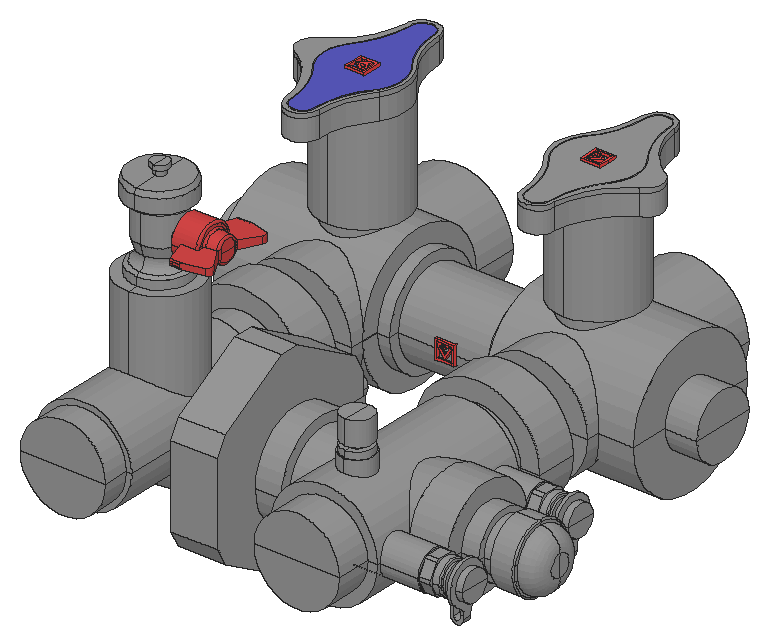
Revit family "HerzCon-Direktanschluss für FanCoils 120mm", category Rohrzubehör, Revit 2018
Family settings
  Bemaßung runder Anschluss = Durchmesser verwenden
  Teiletyp = Unterbricht
  OmniClass-Nummer = 23.65.55.14
  OmniClass-Titel = Valves for Liquid Services
  Arbeitsebenenbasiert = Nein
  Immer vertikal = Ja
  Beim Laden mit Abzugskörper schneiden = Nein
  Gemeinsam genutzt = Nein
Parameters (values of type "DN32")
  kvs-Wert (normale Funktion) = 4.57  # constant formula
  kvs-Wert (Bypass Funktion) = 14.2  # constant formula
  URL = "www.herz-armaturen.at"
  SCRNSEQ = "ARM;TYP_ARM=\"DURR\";02"
  SCRNCODE = "05;04;04"  # constant formula
  Nennweite SF [instance] = 40.00 mm  # constant formula
  Nennweite Kombi [instance] = 40.00 mm  # constant formula
  Nennweite KH [instance] = 32.00 mm  # constant formula
  Min. Betriebstemperatur = -20 °C  # constant formula
  Membrane und O-Ringe = "EPDM"  # constant formula
  Medium = "Heizungswasser gemäß ÖNORM H5195 oder VDI-Standard 2035.\r\nDie Verwendung von Ethylen- oder Propylenglykol-Gemischen in einem Verhältnis von 25-50 Vol.- % ist erlaubt."
  Max. Differenzdruck = 400000.0 Pa  # constant formula
  Max. Betriebstemperatur = 130 °C  # constant formula
  Max. Betriebsdruck = 2500000.0 Pa  # constant formula
  L11 = 16.00 mm  # constant formula
  L10 = 29.30 mm  # constant formula
  L09 = 20.00 mm  # constant formula
  L08 = 14.75 mm  # constant formula
  L07 = 19.25 mm  # constant formula
  L06 = 17.00 mm  # constant formula
  L05 = 26.50 mm  # constant formula
  L04 = 55.00 mm  # constant formula
  L03 = 22.40 mm  # constant formula
  L02 = 6.10 mm  # constant formula
  L01 = 15.00 mm  # constant formula
  L00 [instance] = 226.20 mm  # constant formula
  KR02 = 18.25 mm  # constant formula
  KR01 = 35.00 mm  # constant formula
  KL09 = 4.70 mm  # constant formula
  KL08 = KL06 + KL07  # 70.70 mm
  KL07 = 21.80 mm  # constant formula
  KL06 = KH01 + KL05  # 48.90 mm
  KL05 = 15.40 mm  # constant formula
  KL04 = 12.00 mm  # constant formula
  KL03 = KH03 - 9.00 mm  # 57.00 mm
  KL02 = 16.00 mm  # constant formula
  KL01 = 114.00 mm  # constant formula
  KH03 = 66.00 mm  # constant formula
  KH02 = KH01 + KD01  # 58.50 mm
  KH01 = 33.50 mm  # constant formula
  KD09 = 11.25 mm  # constant formula
  KD08 = 24.50 mm  # constant formula
  KD07 = 23.30 mm  # constant formula
  KD06 = 15.00 mm  # constant formula
  KD05 = 12.50 mm  # constant formula
  KD04 = 13.90 mm  # constant formula
  KD03 = 20.00 mm  # constant formula
  KD02 = 20.00 mm  # constant formula
  KD01 = 25.00 mm  # constant formula
  Hub = "4 mm"  # constant formula
  Hersteller = "HERZ Armaturen Ges.m.b.H."  # constant formula
  H01 = D02 + 1.00 mm  # 34.00 mm
  Gehäuse = "entzinkungsbeständiges Messing"  # constant formula
  D10 = 21.40 mm  # constant formula
  D09 = 13.00 mm  # constant formula
  D08 = 18.40 mm  # constant formula
  D07 = 39.00 mm  # constant formula
  D06 = 45.00 mm  # constant formula
  D05 = 54.50 mm  # constant formula
  D04 = 20.00 mm  # constant formula
  D03 = 24.50 mm  # constant formula
  D02 = 33.00 mm  # constant formula
  D01 = 15.00 mm  # constant formula
  Bestellnummer [instance] = 1460054  # constant formula
  Anwendungen = "Die HerzCON wurden entwickelt, um eine einfache Verbindung zu Gebläsekonvektoren oder anderen Anschlusseinheiten herzustellen.\r\nEin HerzCON ist eine Einheit, bestehend aus einem druckunabhängigen Kombiventil-Volumenstromregler (4006), Herz-Schmutzfänger, Herz-Entleerungshahn (2512) und zwei Herz-Multifunktionskugelhähnen.\r\nDas Ein-/ Aus Schalten sowie Modulieren ist über einen 0-10 V Stellantrieb möglich und kann bei Bedarf in eine GLT integriert werden.\r\nDie Einheit optimiert die Energieeffizienz des Systems, da es eine druckunabhängige Regelung ist, die den vollen Regelbereich unabhängig von Druckschwankungen gewährleistet, während gleichzeitig ein konstanter Durchfluss sichergestellt wird.\r\nMit der HerzCON können auch Spül- und Absperrvorgänge durchgeführt werden.\r\nEine Einheit kann für Heizen und Kühlen verwendet werden.\r\nEs gibt daher keinen Produktunterschied zwischen Heizen und Kühlen.\r\nDer am Sieb angebrachte Ablasshahn ermöglicht ein Spülen, ohne dass der Siebkorb entfernt werden muss.\r\nAußerdem kann der Siebkorb vor Ort gereinigt werden."
Reference planes
  plane 1 "Mitte (Vorne/hinten)": y = 0
  plane 2: z = 0
  plane 3 "Mitte (Links/rechts)": x = 0
Forms (mm)
  Revolve 1, solid, material "Messing, weicher Gelbton, geschweißt", detail levels fine
    sketch origin (0, -1.436, 0) x (1, 0, 0) y (0, 1, 0)
      loop
        line (-113.1, 1.436) -> (113.1, 1.436) -> (113.1, 16.436) -> (98.1, 16.436) -> (98.1, 34.436) -> (28.5, 34.436) -> (28.5, 25.936) -> (22.4, 25.936) -> (22.4, 21.436) -> (-22.4, 21.436) -> (-22.4, 25.936) -> (-28.5, 25.936) -> (-28.5, 34.436) -> (-98.1, 34.436) -> (-98.1, 16.436) -> (-113.1, 16.436) -> (-113.1, 1.436)
      axis (113.1, 1.436) -> (-113.1, 1.436)
    angle from 0 to 360
  Revolve 2, solid, material "Messing, weicher Gelbton, geschweißt", detail levels fine
    sketch origin (0, 0, 0) x (-1, 0, 0) y (0, 1, 0)
      loop
        line (-55, -57.4) -> (-55, 33.1) -> (-71, 33.1) -> (-71, 54.5) -> (-81.5, 54.5) -> (-81.5, -39) -> (-69.75, -39) -> (-69.75, -51.4) -> (-84.3, -51.4) -> (-84.3, -70.4) -> (-75, -70.4) -> (-75, -57.4) -> (-55, -57.4)
      axis (-55, -70.4) -> (-55, 54.5)
    angle from 0 to 360
  Revolve 3, solid, material "Messing, weicher Gelbton, geschweißt", detail levels fine
    sketch origin (0, 0, 0) x (1, 0, 0) y (0, 0, 1)
      loop
        line (-55, 0) -> (-55, 45) -> (-72, 45) -> (-72, 0) -> (-55, 0)
      axis (-55, 45) -> (-55, 0)
    angle from 0 to 360
  Revolve 4, solid, material "Messing, weicher Gelbton, geschweißt", detail levels fine
    sketch origin (0, 0, 0) x (-1, 0, 0) y (0, 0, 1)
      loop
        line (-55, 0) -> (-55, 45) -> (-72, 45) -> (-72, 0) -> (-55, 0)
      axis (-55, 45) -> (-55, 0)
    angle from 0 to 360
  Revolve 5, solid, material "Messing, weicher Gelbton, geschweißt", detail levels fine
    sketch origin (0, 0, 0) x (1, 0, 0) y (0, 1, 0)
      loop
        line (-55, -57.4) -> (-55, 33.1) -> (-71, 33.1) -> (-71, 54.5) -> (-81.5, 54.5) -> (-81.5, -39) -> (-69.75, -39) -> (-69.75, -51.4) -> (-84.3, -51.4) -> (-84.3, -70.4) -> (-75, -70.4) -> (-75, -57.4) -> (-55, -57.4)
      axis (-55, -70.4) -> (-55, 54.5)
    angle from 0 to 360
  Revolve 6, solid, material "Messing, weicher Gelbton, geschweißt", detail levels fine
    sketch origin (10, 7.177, 0) x (1, 0, 0) y (0, 1, 0)
      loop
        line (45, -68.677) -> (25, -68.677) -> (25, -84.677) -> (20, -84.677) -> (20, -166.677) -> (25, -166.677) -> (25, -182.677) -> (45, -182.677) -> (45, -68.677)
      axis (45, -68.677) -> (45, -182.677)
    angle from 0 to 360
  Revolve 7, solid, material "Messing, weicher Gelbton, geschweißt", detail levels fine
    sketch origin (10, -105.85, 0) x (1, 0, 0) y (0, 1, 0)
      loop
        line (11.5, -12.65) -> (11.5, -32.65) -> (45, -32.65) -> (70, -35.95) -> (87.8, -35.95) -> (87.8, -27.65) -> (96.3, -27.65) -> (96.3, -25.15) -> (102, -25.15) -> (102, -26.55) -> (111, -26.55) -> (111, -12.65) -> (11.5, -12.65)
      axis (11.5, -12.65) -> (111, -12.65)
    angle from 0 to 360
  Revolve 8, solid, material "Messing, weicher Gelbton, geschweißt", detail levels fine
    sketch origin (10, -105.85, 0) x (1, 0, 0) y (0, 1, 0)
      loop
        line (11.5, -12.65) -> (-3.9, -12.65) -> (-3.9, -23.9) -> (-0.5, -23.9) -> (-0.5, -37.15) -> (11.5, -37.15) -> (11.5, -12.65)
      axis (-3.9, -12.65) -> (11.5, -12.65)
    angle from 0 to 360
  Extrusion 9, solid, material "Messing, weicher Gelbton, geschweißt", detail levels fine
    sketch origin (-4.9, 62.574, 0) x (0, 1, 0) y (0, 0, 1)
      loop
        line (-176.324, 46) -> (-185.824, 46) -> (-218.536, 27.114) -> (-223.286, 18.886) -> (-223.286, -18.886) -> (-218.536, -27.114) -> (-185.824, -46) -> (-176.324, -46) -> (-143.612, -27.114) -> (-138.862, -18.886) -> (-138.862, 18.886) -> (-143.612, 27.114) -> (-176.324, 46)
    from 11 to -10.8
  Revolve 10, solid, material "Messing, weicher Gelbton, geschweißt", detail levels fine
    sketch origin (-4.9, -105.85, 0) x (1, 0, 0) y (0, 1, 0)
      loop
        line (-10.8, -12.65) -> (-10.8, 22.35) -> (-15.5, 5.6) -> (-15.5, -12.65) -> (-10.8, -12.65)
      axis (-15.5, -12.65) -> (-10.8, -12.65)
    angle from 0 to 360
  Extrusion 11, solid, material "Messing, weicher Gelbton, geschweißt", detail levels fine
    sketch origin (-4.9, -105.85, 0) x (1, 0, 0) y (0, 0, 1)
      loop
        line (11, 8) -> (-7.5, 8)
        arc (-7.5, 8) -> (-15.5, 0) -> (-7.5, -8) r 8
        line (-7.5, -8) -> (11, -8) -> (11, 8)
    from -30.847 to 12.65
  Revolve 12, solid, material "Messing, weicher Gelbton, geschweißt", detail levels fine
    sketch origin (-4.9, -105.85, 0) x (1, 0, 0) y (0, 1, 0)
      loop
        line (-14.5, 30.847) -> (-7.5, 30.847) -> (-7.5, 46.847) -> (-14.5, 46.847) -> (-14.5, 35.847) -> (-11.5, 35.847) -> (-11.5, 33.847) -> (-14.5, 33.847) -> (-14.5, 30.847)
      axis (-7.5, 46.847) -> (-7.5, 30.847)
    angle from 0 to 360
  Revolve 13, solid, material "Messing, weicher Gelbton, geschweißt", detail levels fine
    sketch origin (55, -105.85, 0) x (0, 1, 0) y (0, 0, 1)
      loop
        line (-34.65, 0) -> (-26.85, 0) -> (-26.85, 31) -> (-27.65, 31) -> (-27.65, 34) -> (-30.65, 34) -> (-30.65, 36) -> (-27.65, 36) -> (-27.65, 47) -> (-34.65, 47) -> (-34.65, 0)
      axis (-34.65, 47) -> (-34.65, 0)
    angle from 0 to 360
  Revolve 14, solid, material "Messing, weicher Gelbton, geschweißt", detail levels fine
    sketch origin (0, 0, 0) x (1, 0, 0) y (0, 1, 0)
      loop
        line (55, -96.5) -> (97.8, -96.5) -> (97.8, -87.5) -> (55, -87.5) -> (55, -96.5)
      axis (97.8, -87.5) -> (55, -87.5)
    angle from 0 to 360
  Revolve 15, solid, material "Messing, weicher Gelbton, geschweißt", detail levels fine
    sketch origin (0, -396.8, 0) x (1, 0, 0) y (0, -1, 0)
      loop
        line (55, -256.3) -> (97.8, -256.3) -> (97.8, -247.3) -> (55, -247.3) -> (55, -256.3)
      axis (97.8, -247.3) -> (55, -247.3)
    angle from 0 to 360
  Revolve 16, solid, material "Messing, weicher Gelbton, geschweißt", detail levels fine
    sketch origin (0, 251.113, 0) x (1, 0, 0) y (0, 1, 0)
      loop
        line (-55, -312.613) -> (-75, -312.613) -> (-75, -335.613) -> (-77.5, -335.613) -> (-77.5, -413.943) -> (-75, -413.943) -> (-75, -425.613) -> (-55, -425.613) -> (-55, -312.613)
      axis (-55, -312.613) -> (-55, -425.613)
    angle from 0 to 360
  Revolve 17, solid, material "Messing, weicher Gelbton, geschweißt", detail levels fine
    sketch origin (-55, 0, 0) x (0, 1, 0) y (0, 0, 1)
      loop
        line (-105, 0) -> (-105, -36)
        arc (-105, -36) -> (-92.506, -32.657) -> (-84.5, -22.5) r 20.5
        line (-84.5, -22.5) -> (-84.5, 0) -> (-105, 0)
      axis (-105, 0) -> (-105, -36)
    angle from 0 to 360
  Revolve 18, solid, material "Messing, weicher Gelbton, geschweißt", detail levels fine
    sketch origin (-55, -511.376, 0) x (0, 1, 0) y (0, 0, 1)
      loop
        line (393.376, 0) -> (411.876, 0) -> (411.876, 57) -> (406.876, 57) -> (406.876, 61) -> (404.999, 62.084)
        arc (404.999, 62.084) -> (402.831, 64.622) -> (402.743, 67.959) r 5
        line (402.743, 67.959) -> (404.381, 73) -> (404.381, 88) -> (406.581, 88) -> (406.581, 89.5) -> (408.361, 89.5) -> (408.361, 96) -> (407.361, 98.5) -> (395.861, 98.5) -> (395.861, 101.5) -> (397.361, 101.5) -> (397.361, 103.5) -> (393.376, 103.5) -> (393.376, 0)
      axis (393.376, 103.5) -> (393.376, 0)
    angle from 0 to 360
  Extrusion 19, solid, material "Messing, weicher Gelbton, geschweißt", detail levels fine
    sketch origin (5.52, -501.459, 12) x (0, 1, 0) y (0, 0, 1)
      loop
        circle (383.459, 65) r 5.5
    from -60.52 to -43.52
Dimensions and locks
  "L00": Revolve 1 sketch curve to Revolve 1 sketch curve
  "L01": Revolve 1 sketch curve to Revolve 1 sketch curve  (x2)
  "L02": Revolve 1 sketch curve to Revolve 1 sketch curve  (x2)
  equal spacing: Revolve 1 sketch curve, plane 3 "Mitte (Links/rechts)", Revolve 1 sketch curve
  "D01": Revolve 1 sketch curve to Revolve 1 sketch curve  (x2)
  "D02": Revolve 1 sketch curve to Revolve 1 sketch curve  (x2)
  "D03": Revolve 1 sketch curve to Revolve 1 sketch curve  (x2)
  "D04": Revolve 1 sketch curve to Revolve 1 sketch curve
  "D04": nested 2 to plane 1 "Mitte (Vorne/hinten)"
  "D04": nested 1 to plane 1 "Mitte (Vorne/hinten)"
  "L03": Revolve 1 sketch curve to plane 3 "Mitte (Links/rechts)" to Revolve 1 sketch curve
  "L05": Revolve 2 sketch curve to Revolve 2 sketch curve
  "L04": plane 3 "Mitte (Links/rechts)" to Revolve 2 sketch curve  (x2)
  "L04": plane 3 "Mitte (Links/rechts)" to Revolve 3 sketch curve  (x2)
  "L06": Revolve 3 sketch curve to Revolve 3 sketch curve
  "D06": Revolve 3 sketch curve to plane 2
  "L06": Revolve 4 sketch curve to Revolve 4 sketch curve
  "D06": Revolve 4 sketch curve to plane 2
  "L04": plane 3 "Mitte (Links/rechts)" to Revolve 4 sketch curve
  "L04": Revolve 4 sketch curve to plane 3 "Mitte (Links/rechts)"
  "L04": plane 3 "Mitte (Links/rechts)" to nested 3
  "L04": nested 4 to plane 3 "Mitte (Links/rechts)"
  "H01": nested 3 to plane 2
  "H01": nested 4 to plane 2
  "D05": plane 1 "Mitte (Vorne/hinten)" to Revolve 2 sketch curve
  "D07": Revolve 2 sketch curve to plane 1 "Mitte (Vorne/hinten)"
  "D08": Revolve 2 sketch curve to Revolve 2 sketch curve
  "L08": Revolve 2 sketch curve to Revolve 2 sketch curve
  "L10": Revolve 2 sketch curve to Revolve 2 sketch curve
  "L09": Revolve 2 sketch curve to Revolve 2 sketch curve
  "D09": Revolve 2 sketch curve to Revolve 2 sketch curve
  "L05": Revolve 5 sketch curve to Revolve 5 sketch curve
  "D08": Revolve 5 sketch curve to Revolve 5 sketch curve
  "L08": Revolve 5 sketch curve to Revolve 5 sketch curve
  "L10": Revolve 5 sketch curve to Revolve 5 sketch curve
  "L09": Revolve 5 sketch curve to Revolve 5 sketch curve
  "D09": Revolve 5 sketch curve to Revolve 5 sketch curve
  "D05": plane 1 "Mitte (Vorne/hinten)" to Revolve 5 sketch curve
  "D07": Revolve 5 sketch curve to plane 1 "Mitte (Vorne/hinten)"
  "L11": Revolve 5 sketch curve to Revolve 5 sketch curve
  "L04": Revolve 5 sketch curve to plane 3 "Mitte (Links/rechts)"  (x2)
  "D10": Revolve 5 sketch curve to Revolve 5 sketch curve
  "L11": Revolve 2 sketch curve to Revolve 2 sketch curve
  "D10": Revolve 2 sketch curve to Revolve 2 sketch curve
  "KD02": Revolve 6 sketch curve to Revolve 6 sketch curve  (x2)
  "KD01": Revolve 6 sketch curve to Revolve 6 sketch curve
  Revolve 6 sketch curve to Revolve 6 sketch curve = 114.00 mm
  "KL02": Revolve 6 sketch curve to Revolve 6 sketch curve  (x2)
  equal spacing: Revolve 6, Revolve 7 sketch curve, Revolve 6  (x2)
  Revolve 7 sketch curve to Revolve 7 sketch curve = 99.50 mm
  Revolve 7 sketch curve to Revolve 7 sketch curve = 9.00 mm
  Revolve 7 sketch curve to Revolve 7 sketch curve = 5.70 mm
  Revolve 7 sketch curve to Revolve 7 sketch curve = 8.50 mm
  "KD04": Revolve 7 sketch curve to Revolve 7 sketch curve
  "KD05": Revolve 7 sketch curve to Revolve 7 sketch curve
  "KD06": Revolve 7 sketch curve to Revolve 7 sketch curve
  "KD03": Revolve 7 sketch curve to Revolve 7 sketch curve
  "KH01": Revolve 7 sketch curve to Revolve 7 sketch curve
  "KH02": Revolve 7 sketch curve to Revolve 7 sketch curve
  "KH01": Revolve 8 sketch curve to Revolve 7
  equal spacing: Revolve 6, Revolve 8 sketch curve, Revolve 6  (x2)
  "KD08": Revolve 8 sketch curve to Revolve 8 sketch curve
  "KD09": Revolve 8 sketch curve to Revolve 8 sketch curve
  "KL05": Revolve 8 sketch curve to Revolve 8 sketch curve
  "KL04": Revolve 8 sketch curve to Revolve 8 sketch curve
  equal spacing: Revolve 6, Revolve 10 sketch curve, Revolve 6  (x2)
  "KR02": Revolve 10 sketch curve to Revolve 10 sketch curve
  "KR01": Revolve 10 sketch curve to Revolve 10 sketch curve
  "KL09": Revolve 10 sketch curve to Extrusion 9
  equal spacing: Revolve 6, nested 5, Revolve 6
  Revolve 12 sketch curve to Revolve 12 sketch curve = 7.00 mm  (x2)
  Revolve 12 sketch curve to Revolve 12 sketch curve = 4.00 mm
  Revolve 12 sketch curve to Revolve 12 sketch curve = 3.00 mm
  Revolve 12 sketch curve to Revolve 12 sketch curve = 2.00 mm
  Revolve 12 sketch curve to Revolve 12 sketch curve = 11.00 mm
  Revolve 10 to Revolve 12 sketch curve = 1.00 mm
  Revolve 10 to Revolve 12 sketch curve = 8.00 mm
  Extrusion 11 to Revolve 12 sketch curve = 43.497 mm
  equal spacing: Revolve 6, Extrusion 11, Revolve 6
  Revolve 13 sketch curve to Revolve 13 sketch curve = 7.80 mm
  Revolve 13 sketch curve to Revolve 13 sketch curve = 7.00 mm  (x2)
  Revolve 13 sketch curve to Revolve 13 sketch curve = 4.00 mm
  Revolve 13 sketch curve to Revolve 13 sketch curve = 3.00 mm
  Revolve 13 sketch curve to Revolve 13 sketch curve = 2.00 mm
  Revolve 13 sketch curve to Revolve 13 sketch curve = 11.00 mm
  "L04": plane 3 "Mitte (Links/rechts)" to Revolve 6 sketch curve  (x2)
  "KH03": Revolve 7 sketch curve to Revolve 7 sketch curve
  "KD07": Revolve 7 sketch curve to Revolve 7 sketch curve
  "KL03": Revolve 7 to nested 5
  "KL06": Extrusion 9 to Revolve 7
  Extrusion 9 sketch curve to Extrusion 9 sketch curve = 92.00 mm  (x3)
  Extrusion 9 sketch curve to Extrusion 9 sketch curve = 84.424 mm  (x3)
  "KL07": Extrusion 9 to Extrusion 9
  "KL08": Revolve 10 sketch curve to Revolve 7
  Revolve 6 to Extrusion 9 sketch curve = 14.788 mm
  Extrusion 9 sketch curve to Revolve 6 = 14.788 mm
  Extrusion 11 sketch curve to Extrusion 11 sketch curve = 26.50 mm
  Revolve 14 sketch curve to Revolve 14 sketch curve = 42.80 mm
  Revolve 14 sketch curve to Revolve 14 sketch curve = 9.00 mm
  Revolve 14 sketch curve to Revolve 6 = 26.00 mm  (x2)
  Revolve 15 sketch curve to Revolve 15 sketch curve = 42.80 mm
  Revolve 15 sketch curve to Revolve 15 sketch curve = 9.00 mm
  Revolve 6 to Revolve 15 sketch curve = 26.00 mm  (x2)
  Revolve 6 to nested 6 = 26.00 mm
  Revolve 7 to nested 6 = 42.80 mm
  nested 7 to Revolve 6 = 26.00 mm
  Revolve 7 to nested 7 = 42.80 mm
  Revolve 13 sketch curve to plane 2 = 31.00 mm
  Revolve 13 sketch curve to Revolve 6 = 35.00 mm  (x2)
  Revolve 2 to Revolve 6 = 230.00 mm
  Revolve 16 sketch curve to Revolve 16 sketch curve = 23.00 mm
  Revolve 16 sketch curve to Revolve 16 sketch curve = 11.67 mm
  Revolve 16 sketch curve to Revolve 16 sketch curve = 113.00 mm
  "L04": Revolve 16 sketch curve to plane 3 "Mitte (Links/rechts)"  (x2)
  Revolve 16 sketch curve to Revolve 16 sketch curve = 20.00 mm  (x2)
  Revolve 16 sketch curve to Revolve 16 sketch curve = 22.50 mm
  Revolve 17 sketch curve to Revolve 17 sketch curve = 22.50 mm
  Revolve 17 sketch curve to Revolve 17 sketch curve = 20.50 mm
  "L04": Revolve 17 to plane 3 "Mitte (Links/rechts)"
  Revolve 18 sketch curve to Revolve 18 sketch curve = 13.50 mm
  "L04": Revolve 18 to plane 3 "Mitte (Links/rechts)"
  Revolve 18 sketch curve to plane 2 = 57.00 mm
  Revolve 18 sketch curve to Revolve 18 sketch curve = 4.00 mm
  equal spacing: Revolve 16, Revolve 18 sketch curve, Revolve 16  (x2)
  "L04": Extrusion 19 to plane 3 "Mitte (Links/rechts)"
  Extrusion 19 to Extrusion 19 = 17.00 mm
  Revolve 18 to Extrusion 19 = 11.00 mm
  Revolve 18 to nested 8 = 11.00 mm
  equal spacing: Revolve 16, nested 8, Revolve 16
  equal spacing: Revolve 16, Extrusion 19 sketch curve, Revolve 16
  Revolve 16 to Revolve 5 = 229.00 mm
  Revolve 16 to Revolve 17 sketch curve = 43.50 mm  (x2)
  plane 2 to Revolve 17 sketch curve = 36.00 mm
  radius of Extrusion 11 sketch curve = 8.00 mm
  radius of Extrusion 19 sketch curve = 5.50 mm
  aligned and locked: level to plane 2
Automatic sketch dimensions
  Extrusion 9 sketch curve to level = 27.114 mm  (x2)
  Extrusion 9 sketch curve to Extrusion 9 sketch curve = 4.75 mm  (x2)
  level to Extrusion 9 sketch curve = 27.114 mm  (x2)
  Extrusion 9 sketch curve to Extrusion 9 sketch curve = 32.712 mm  (x2)
  level to Extrusion 9 sketch curve = 46.00 mm
  Extrusion 9 sketch curve to Extrusion 9 sketch curve = 9.50 mm
  Extrusion 9 sketch curve to Extrusion 9 sketch curve = 8.227 mm  (x2)
  Extrusion 11 sketch curve to level = 0.00 mm
  Extrusion 11 sketch curve to plane 3 "Mitte (Links/rechts)" = 12.40 mm
  Revolve 12 sketch curve to Revolve 12 sketch curve = 1.775 mm
  Revolve 12 sketch curve to Revolve 12 sketch curve = 4.225 mm
  Revolve 13 sketch curve to level = 0.00 mm
  level to Revolve 13 sketch curve = 7.505 mm
  Revolve 13 sketch curve to Revolve 13 sketch curve = 10.256 mm
  plane 3 "Mitte (Links/rechts)" to Revolve 14 sketch curve = 55.00 mm
  Revolve 14 sketch curve to Revolve 14 sketch curve = 12.80 mm
  Revolve 14 sketch curve to Revolve 14 sketch curve = 5.00 mm
  Revolve 15 sketch curve to plane 3 "Mitte (Links/rechts)" = 55.00 mm
  Revolve 15 sketch curve to Revolve 15 sketch curve = 12.80 mm
  Revolve 15 sketch curve to Revolve 15 sketch curve = 5.00 mm
  Revolve 17 sketch curve to level = 0.00 mm
  Revolve 17 sketch curve to Revolve 17 sketch curve = 1.219 mm
  Revolve 17 sketch curve to Revolve 17 sketch curve = 6.00 mm
  Revolve 17 sketch curve to level = 5.00 mm
  Revolve 18 sketch curve to level = 0.00 mm
  Revolve 18 sketch curve to Revolve 18 sketch curve = 2.485 mm
  Revolve 18 sketch curve to Revolve 18 sketch curve = 1.50 mm  (x2)
  level to Revolve 18 sketch curve = 67.959 mm
  Revolve 18 sketch curve to Revolve 18 sketch curve = 6.883 mm
  Revolve 18 sketch curve to Revolve 18 sketch curve = 8.52 mm
  level to Revolve 18 sketch curve = 62.084 mm
  Revolve 18 sketch curve to Revolve 18 sketch curve = 2.255 mm
  Revolve 18 sketch curve to Revolve 18 sketch curve = 2.20 mm
  level to Revolve 18 sketch curve = 98.50 mm
  Revolve 18 sketch curve to Revolve 18 sketch curve = 0.78 mm
  Revolve 18 sketch curve to Revolve 18 sketch curve = 2.50 mm  (x2)
  Revolve 18 sketch curve to Revolve 18 sketch curve = 1.78 mm
  Revolve 18 sketch curve to Revolve 18 sketch curve = 5.041 mm
  Revolve 18 sketch curve to Revolve 18 sketch curve = 10.50 mm
  Revolve 18 sketch curve to Revolve 18 sketch curve = 3.00 mm
  Revolve 18 sketch curve to Revolve 18 sketch curve = 2.00 mm
  Revolve 18 sketch curve to Revolve 18 sketch curve = 8.124 mm
  Revolve 18 sketch curve to Revolve 18 sketch curve = 5.00 mm
  Revolve 18 sketch curve to Revolve 18 sketch curve = 21.227 mm
  level to Extrusion 19 sketch curve = 77.00 mm
  Revolve 1 sketch curve to plane 1 "Mitte (Vorne/hinten)" = 0.00 mm
  plane 1 "Mitte (Vorne/hinten)" to Revolve 1 sketch curve = 0.00 mm
  Revolve 1 sketch curve to Revolve 1 sketch curve = 1904.835 mm  (x2)
  Revolve 2 sketch curve to Revolve 2 sketch curve = 6.00 mm
  Revolve 2 sketch curve to Revolve 2 sketch curve = 7.746 mm
  Revolve 2 sketch curve to Revolve 2 sketch curve = 7.208 mm
  Revolve 3 sketch curve to level = 0.00 mm  (x2)
  Revolve 3 sketch curve to Revolve 3 sketch curve = 6.726 mm
  Revolve 4 sketch curve to level = 0.00 mm  (x2)
  Revolve 4 sketch curve to Revolve 4 sketch curve = 6.726 mm
  Revolve 5 sketch curve to Revolve 5 sketch curve = 6.00 mm
  Revolve 5 sketch curve to Revolve 5 sketch curve = 7.746 mm
  Revolve 5 sketch curve to Revolve 5 sketch curve = 7.208 mm
  plane 1 "Mitte (Vorne/hinten)" to Revolve 6 sketch curve = 175.50 mm
  Revolve 6 sketch curve to Revolve 6 sketch curve = 6.00 mm
  Revolve 6 sketch curve to Revolve 6 sketch curve = 5.00 mm
  plane 3 "Mitte (Links/rechts)" to Revolve 7 sketch curve = 21.50 mm
  Revolve 7 sketch curve to Revolve 7 sketch curve = 5.00 mm
  Revolve 7 sketch curve to Revolve 7 sketch curve = 11.575 mm
  Revolve 8 sketch curve to Revolve 8 sketch curve = 2.197 mm
  Revolve 8 sketch curve to Revolve 8 sketch curve = 3.212 mm
  Revolve 10 sketch curve to Revolve 10 sketch curve = 0.00 mm  (x2)
  plane 1 "Mitte (Vorne/hinten)" to Revolve 16 sketch curve = 174.50 mm
  Revolve 16 sketch curve to Revolve 16 sketch curve = 26.33 mm
  Revolve 16 sketch curve to Revolve 16 sketch curve = 12.00 mm
Nested families
  nested 1: "Herz-Logo-vorne" at (0, -20, 0) x (0, 1, 0) z (0, 0, 1), type "Herz-Logo-vorne", detail levels fine
  nested 2: "Herz-Logo-vorne" at (0, 20, 0) x (0, 1, 0) z (0, 0, 1), type "Herz-Logo-vorne", detail levels fine
  nested 3: "Handrad (blau) für HerzCon DN25-DN32" at (-55, 0, 34) x (0, -1, 0) z (0, 0, 1), type "Handrad (blau) für HerzCon DN25-DN32", detail levels fine
  nested 4: "Handrad (rot) für HerzCon DN25-DN32" at (55, 0, 34) x (0, 1, 0) z (0, 0, 1), type "Handrad (rot) für HerzCon DN25-DN32", detail levels fine
  nested 5: "Bauschutzkappe für HerCon" at (112, -118.5, 0), type "Bauschutzkappe für HerCon", detail levels fine
  nested 6: "Messstutzen_Band_Eintritt" at (80.3, -149.5, 0) x (0, 1, 0) z (0, 0, 1), type "Messstutzen_Band_Eintritt", detail levels fine
    with Schutzkappe yes, Nennweite 0.00 mm, Gewicht 0.00 kg, Bestellnummer 0
  nested 7: "Messstutzen_Band_Austritt" at (80.3, -87.5, 0) x (0, 1, 0) z (0, 0, 1), type "Messstutzen_Band_Austritt", detail levels fine
    with Schutzkappe yes, Nennweite 0.00 mm, Gewicht 0.00 kg, Bestellnummer 0
  nested 8: "Flügelgriff rot (seite)" at (-42, -118, 77), type "Flügelgriff rot (seite)"
Connectors
  piping at (55, -175.5, 0), diameter 40, driven by "Nennweite Kombi"
    settings: on Revolve 6, index 1, connector inside diameter 609.6 mm, connector length 0.00 mm, flow factor 0, pipe flow 0.0 L/s, pressure drop 0.0 Pa, fitting loss kfactor 0, connector angle 0.00°, fixture units 0, engagement length 0.00 mm, angle of deflection 0.00°, flow configuration 0, flow direction 1, fitting loss method 0, system type 7, joint type 0, gender type 0, connector reference index -1, connector utility 0, adjustable connector no, is connector primary yes, connector description ""
  piping at (-55, -174.5, 0), diameter 40, driven by "Nennweite SF"
    settings: on Revolve 16, index 2, connector inside diameter 609.6 mm, connector length 0.00 mm, flow factor 0, pipe flow 0.0 L/s, pressure drop 0.0 Pa, fitting loss kfactor 0, connector angle 0.00°, fixture units 0, engagement length 0.00 mm, angle of deflection 0.00°, flow configuration 0, flow direction 2, fitting loss method 0, system type 8, joint type 0, gender type 0, connector reference index -1, connector utility 0, adjustable connector no, is connector primary no, connector description ""
  piping at (55, 33.1, 0), diameter 32, driven by "Nennweite KH"
    settings: on Revolve 2, index 3, connector inside diameter 609.6 mm, connector length 0.00 mm, flow factor 0, pipe flow 0.0 L/s, pressure drop 0.0 Pa, fitting loss kfactor 0, connector angle 0.00°, fixture units 0, engagement length 0.00 mm, angle of deflection 0.00°, flow configuration 0, flow direction 2, fitting loss method 0, system type 7, joint type 0, gender type 0, connector reference index -1, connector utility 0, adjustable connector no, is connector primary no, connector description ""
  piping at (-55, 33.1, 0), diameter 32, driven by "Nennweite KH"
    settings: on Revolve 5, index 4, connector inside diameter 609.6 mm, connector length 0.00 mm, flow factor 0, pipe flow 0.0 L/s, pressure drop 0.0 Pa, fitting loss kfactor 0, connector angle 0.00°, fixture units 0, engagement length 0.00 mm, angle of deflection 0.00°, flow configuration 0, flow direction 1, fitting loss method 0, system type 8, joint type 0, gender type 0, connector reference index -1, connector utility 0, adjustable connector no, is connector primary no, connector description ""
Definition of nested family "Herz-Logo-vorne"
  Reference planes
    plane 1 "Mitte (Vorne/hinten)": y = 0
    plane 2: z = 0
    plane 3 "Mitte (Links/rechts)": x = 0
  Forms (mm)
    Extrusion 1, solid
      sketch origin (0.732, -0.018, 0.017) x (0, -1, 0) y (0, 0, 1)
        loop
          line (-0.018, -4.517) -> (4.482, -4.517) -> (4.482, 4.483) -> (-4.518, 4.483) -> (-4.518, -4.517) -> (-0.018, -4.517)
        loop
          line (-0.05, -3.48) -> (3.482, -3.48) -> (3.482, 3.483) -> (-3.518, 3.483) -> (-3.518, -3.48) -> (-0.05, -3.48)
        loop
          arc (-0.018, 2.383) -> (-1.543, 3.287) -> (-3.067, 2.383) r 1.738
          arc (-3.067, 2.383) -> (-3.191, 1.899) -> (-3.067, 1.415) r 1.009
          line (-3.067, 1.415) -> (-0.018, -3.281) -> (3.032, 1.415)
          arc (3.032, 1.415) -> (3.156, 1.899) -> (3.032, 2.383) r 1.009
          arc (3.032, 2.383) -> (1.507, 3.287) -> (-0.018, 2.383) r 1.738
        loop
          arc (1.885, 1.272) -> (2.005, 1.675) -> (1.885, 2.079) r 0.74
          arc (1.885, 2.079) -> (1.265, 2.416) -> (0.644, 2.079) r 0.74
          line (0.644, 2.079) -> (-0.018, 0.97) -> (-0.679, 2.079)
          arc (-0.679, 2.079) -> (-1.3, 2.416) -> (-1.921, 2.079) r 0.74
          arc (-1.921, 2.079) -> (-2.04, 1.675) -> (-1.921, 1.272) r 0.74
          line (-1.921, 1.272) -> (-0.018, -1.658) -> (1.885, 1.272)
      from 0 to 1.5
  Dimensions and locks
    aligned and locked: level to plane 2
Definition of nested family "Handrad (blau) für HerzCon DN25-DN32"
  Reference planes
    plane 1 "Mitte (Vorne/hinten)": y = 0
    plane 2: z = 0
    plane 3 "Mitte (Links/rechts)": x = 0
  Forms (mm)
    Extrusion 1, solid, detail levels fine
      sketch origin (0, 0, 0) x (1, 0, 0) y (0, 1, 0)
        loop
          circle (0, 0) r 20
      from 0 to 45
    Extrusion 2, solid, detail levels fine
      sketch origin (0, 0, 0) x (1, 0, 0) y (0, 1, 0)
        loop
          arc (-35, 7.5) -> (-42.5, 0) -> (-35, -7.5) r 7.5
          arc (-35, -7.5) -> (-19.287, -13.2) -> (-7.275, -24.825) r 40
          arc (-7.275, -24.825) -> (0, -30) -> (7.275, -24.825) r 7.7
          arc (7.275, -24.825) -> (19.287, -13.2) -> (35, -7.5) r 40
          arc (35, -7.5) -> (42.5, 0) -> (35, 7.5) r 7.5
          arc (35, 7.5) -> (22.22, 10.127) -> (10.965, 16.726) r 40
          arc (10.965, 16.726) -> (0, 20) -> (-10.965, 16.726) r 20
          arc (-10.965, 16.726) -> (-22.22, 10.127) -> (-35, 7.5) r 40
      from 45 to 55
    Extrusion 3, solid, detail levels fine
      sketch origin (0, 0, 0) x (1, 0, 0) y (0, 1, 0)
        loop
          arc (-35, 7.5) -> (-42.5, 0) -> (-35, -7.5) r 7.5
          arc (-35, -7.5) -> (-19.287, -13.2) -> (-7.275, -24.825) r 40
          arc (-7.275, -24.825) -> (0, -30) -> (7.275, -24.825) r 7.7
          arc (7.275, -24.825) -> (19.287, -13.2) -> (35, -7.5) r 40
          arc (35, -7.5) -> (42.5, 0) -> (35, 7.5) r 7.5
          arc (35, 7.5) -> (22.22, 10.127) -> (10.965, 16.726) r 40
          arc (10.965, 16.726) -> (0, 20) -> (-10.965, 16.726) r 20
          arc (-10.965, 16.726) -> (-22.22, 10.127) -> (-35, 7.5) r 40
        loop
          arc (-34.965, 5.5) -> (-40.5, 0) -> (-34.965, -5.5) r 5.5
          arc (-34.965, -5.5) -> (-21.579, -8.231) -> (-9.777, -15.113) r 42
          arc (-9.777, -15.113) -> (0, -18) -> (9.777, -15.113) r 18
          arc (9.777, -15.113) -> (21.579, -8.231) -> (34.965, -5.5) r 42
          arc (34.965, -5.5) -> (40.5, 0) -> (34.965, 5.5) r 5.5
          arc (34.965, 5.5) -> (21.579, 8.231) -> (9.777, 15.113) r 42
          arc (9.777, 15.113) -> (0, 18) -> (-9.777, 15.113) r 18
          arc (-9.777, 15.113) -> (-21.579, 8.231) -> (-34.965, 5.5) r 42
      from 55 to 57
    Extrusion 4, solid, detail levels fine
      sketch origin (0, 0, 0) x (1, 0, 0) y (0, 1, 0)
        loop
          arc (-34.965, 5.5) -> (-40.5, 0) -> (-34.965, -5.5) r 5.5
          arc (-34.965, -5.5) -> (-21.579, -8.231) -> (-9.777, -15.113) r 42
          arc (-9.777, -15.113) -> (0, -18) -> (9.777, -15.113) r 18
          arc (9.777, -15.113) -> (21.579, -8.231) -> (34.965, -5.5) r 42
          arc (34.965, -5.5) -> (40.5, 0) -> (34.965, 5.5) r 5.5
          arc (34.965, 5.5) -> (21.579, 8.231) -> (9.777, 15.113) r 42
          arc (9.777, 15.113) -> (0, 18) -> (-9.777, 15.113) r 18
          arc (-9.777, 15.113) -> (-21.579, 8.231) -> (-34.965, 5.5) r 42
      from 55 to 57
  Dimensions and locks
    aligned and locked: level to plane 2
  Nested families
    nested 1: "Herz-Logo" at (0, 0, 56.5), type "Herz-Logo", detail levels fine
  Definition of nested family "Herz-Logo"
    Reference planes
      plane 1 "Mitte (Vorne/hinten)": y = 0
      plane 2: z = 0
      plane 3 "Mitte (Links/rechts)": x = 0
    Forms (mm)
      Extrusion 1, solid
        sketch origin (0, 0, 0) x (1, 0, 0) y (0, 1, 0)
          loop
            line (-0.018, -4.517) -> (4.482, -4.517) -> (4.482, 4.483) -> (-4.518, 4.483) -> (-4.518, -4.517) -> (-0.018, -4.517)
          loop
            line (-0.05, -3.48) -> (3.482, -3.48) -> (3.482, 3.483) -> (-3.518, 3.483) -> (-3.518, -3.48) -> (-0.05, -3.48)
          loop
            arc (-0.018, 2.383) -> (-1.543, 3.287) -> (-3.067, 2.383) r 1.738
            arc (-3.067, 2.383) -> (-3.191, 1.899) -> (-3.067, 1.415) r 1.009
            line (-3.067, 1.415) -> (-0.018, -3.281) -> (3.032, 1.415)
            arc (3.032, 1.415) -> (3.156, 1.899) -> (3.032, 2.383) r 1.009
            arc (3.032, 2.383) -> (1.507, 3.287) -> (-0.018, 2.383) r 1.738
          loop
            arc (1.885, 1.272) -> (2.005, 1.675) -> (1.885, 2.079) r 0.74
            arc (1.885, 2.079) -> (1.265, 2.416) -> (0.644, 2.079) r 0.74
            line (0.644, 2.079) -> (-0.018, 0.97) -> (-0.679, 2.079)
            arc (-0.679, 2.079) -> (-1.3, 2.416) -> (-1.921, 2.079) r 0.74
            arc (-1.921, 2.079) -> (-2.04, 1.675) -> (-1.921, 1.272) r 0.74
            line (-1.921, 1.272) -> (-0.018, -1.658) -> (1.885, 1.272)
        from 0 to 1.5
    Dimensions and locks
      aligned and locked: level to plane 2
Definition of nested family "Handrad (rot) für HerzCon DN25-DN32"
  Reference planes
    plane 1 "Mitte (Vorne/hinten)": y = 0
    plane 2: z = 0
    plane 3 "Mitte (Links/rechts)": x = 0
  Forms (mm)
    Extrusion 1, solid, detail levels fine
      sketch origin (0, 0, 0) x (1, 0, 0) y (0, 1, 0)
        loop
          circle (0, 0) r 20
      from 0 to 45
    Extrusion 2, solid, detail levels fine
      sketch origin (0, 0, 0) x (1, 0, 0) y (0, 1, 0)
        loop
          arc (-35, 7.5) -> (-42.5, 0) -> (-35, -7.5) r 7.5
          arc (-35, -7.5) -> (-19.287, -13.2) -> (-7.275, -24.825) r 40
          arc (-7.275, -24.825) -> (0, -30) -> (7.275, -24.825) r 7.7
          arc (7.275, -24.825) -> (19.287, -13.2) -> (35, -7.5) r 40
          arc (35, -7.5) -> (42.5, 0) -> (35, 7.5) r 7.5
          arc (35, 7.5) -> (22.22, 10.127) -> (10.965, 16.726) r 40
          arc (10.965, 16.726) -> (0, 20) -> (-10.965, 16.726) r 20
          arc (-10.965, 16.726) -> (-22.22, 10.127) -> (-35, 7.5) r 40
      from 45 to 55
    Extrusion 3, solid, detail levels fine
      sketch origin (0, 0, 0) x (1, 0, 0) y (0, 1, 0)
        loop
          arc (-35, 7.5) -> (-42.5, 0) -> (-35, -7.5) r 7.5
          arc (-35, -7.5) -> (-19.287, -13.2) -> (-7.275, -24.825) r 40
          arc (-7.275, -24.825) -> (0, -30) -> (7.275, -24.825) r 7.7
          arc (7.275, -24.825) -> (19.287, -13.2) -> (35, -7.5) r 40
          arc (35, -7.5) -> (42.5, 0) -> (35, 7.5) r 7.5
          arc (35, 7.5) -> (22.22, 10.127) -> (10.965, 16.726) r 40
          arc (10.965, 16.726) -> (0, 20) -> (-10.965, 16.726) r 20
          arc (-10.965, 16.726) -> (-22.22, 10.127) -> (-35, 7.5) r 40
        loop
          arc (-34.965, 5.5) -> (-40.5, 0) -> (-34.965, -5.5) r 5.5
          arc (-34.965, -5.5) -> (-21.579, -8.231) -> (-9.777, -15.113) r 42
          arc (-9.777, -15.113) -> (0, -18) -> (9.777, -15.113) r 18
          arc (9.777, -15.113) -> (21.579, -8.231) -> (34.965, -5.5) r 42
          arc (34.965, -5.5) -> (40.5, 0) -> (34.965, 5.5) r 5.5
          arc (34.965, 5.5) -> (21.579, 8.231) -> (9.777, 15.113) r 42
          arc (9.777, 15.113) -> (0, 18) -> (-9.777, 15.113) r 18
          arc (-9.777, 15.113) -> (-21.579, 8.231) -> (-34.965, 5.5) r 42
      from 55 to 57
    Extrusion 4, solid, detail levels fine
      sketch origin (0, 0, 0) x (1, 0, 0) y (0, 1, 0)
        loop
          arc (-34.965, 5.5) -> (-40.5, 0) -> (-34.965, -5.5) r 5.5
          arc (-34.965, -5.5) -> (-21.579, -8.231) -> (-9.777, -15.113) r 42
          arc (-9.777, -15.113) -> (0, -18) -> (9.777, -15.113) r 18
          arc (9.777, -15.113) -> (21.579, -8.231) -> (34.965, -5.5) r 42
          arc (34.965, -5.5) -> (40.5, 0) -> (34.965, 5.5) r 5.5
          arc (34.965, 5.5) -> (21.579, 8.231) -> (9.777, 15.113) r 42
          arc (9.777, 15.113) -> (0, 18) -> (-9.777, 15.113) r 18
          arc (-9.777, 15.113) -> (-21.579, 8.231) -> (-34.965, 5.5) r 42
      from 55 to 57
  Dimensions and locks
    aligned and locked: level to plane 2
  Nested families
    nested 1: "Herz-Logo" at (0, 0, 56.5), type "Herz-Logo", detail levels fine
  Definition of nested family "Herz-Logo"
    Reference planes
      plane 1 "Mitte (Vorne/hinten)": y = 0
      plane 2: z = 0
      plane 3 "Mitte (Links/rechts)": x = 0
    Forms (mm)
      Extrusion 1, solid
        sketch origin (0, 0, 0) x (1, 0, 0) y (0, 1, 0)
          loop
            line (-0.018, -4.517) -> (4.482, -4.517) -> (4.482, 4.483) -> (-4.518, 4.483) -> (-4.518, -4.517) -> (-0.018, -4.517)
          loop
            line (-0.05, -3.48) -> (3.482, -3.48) -> (3.482, 3.483) -> (-3.518, 3.483) -> (-3.518, -3.48) -> (-0.05, -3.48)
          loop
            arc (-0.018, 2.383) -> (-1.543, 3.287) -> (-3.067, 2.383) r 1.738
            arc (-3.067, 2.383) -> (-3.191, 1.899) -> (-3.067, 1.415) r 1.009
            line (-3.067, 1.415) -> (-0.018, -3.281) -> (3.032, 1.415)
            arc (3.032, 1.415) -> (3.156, 1.899) -> (3.032, 2.383) r 1.009
            arc (3.032, 2.383) -> (1.507, 3.287) -> (-0.018, 2.383) r 1.738
          loop
            arc (1.885, 1.272) -> (2.005, 1.675) -> (1.885, 2.079) r 0.74
            arc (1.885, 2.079) -> (1.265, 2.416) -> (0.644, 2.079) r 0.74
            line (0.644, 2.079) -> (-0.018, 0.97) -> (-0.679, 2.079)
            arc (-0.679, 2.079) -> (-1.3, 2.416) -> (-1.921, 2.079) r 0.74
            arc (-1.921, 2.079) -> (-2.04, 1.675) -> (-1.921, 1.272) r 0.74
            line (-1.921, 1.272) -> (-0.018, -1.658) -> (1.885, 1.272)
        from 0 to 1.5
    Dimensions and locks
      aligned and locked: level to plane 2
Definition of nested family "Bauschutzkappe für HerCon"
  Reference planes
    plane 1 "Mitte (Vorne/hinten)": y = 0
    plane 2: z = 0
    plane 3 "Mitte (Links/rechts)": x = 0
  Forms (mm)
    Revolve 1, solid, detail levels fine
      sketch origin (0, 0, 0) x (0, 0, 1) y (-1, 0, 0)
        loop
          line (0, 0) -> (-15.5, 0) -> (-15.5, -10.067)
          arc (-15.5, -10.067) -> (-15.733, -10.629) -> (-15.25, -11) r 0.5
          line (-15.25, -11) -> (-14.093, -11)
          arc (-14.093, -11) -> (-11.457, -17.364) -> (-5.093, -20) r 9
          line (-5.093, -20) -> (0, -20) -> (0, 0)
        axis (0, 0) -> (0, -20)
      angle from 0 to 360
  Dimensions and locks
    aligned and locked: level to plane 2
Definition of nested family "Messstutzen_Band_Eintritt"
  Parameters (values of type "Messstutzen_Band_Eintritt")
    URL = "www.herz-armaturen.at"
    Schutzkappe [instance] = yes
    Nennweite [instance] = 0.00 mm
    Manufacturer = "Herz Armaturen GmbH"  # constant formula
    Gewicht [instance] = 0.00 kg
    Bestellnummer [instance] = 0
  Reference planes
    plane 1 "Mitte (Vorne/hinten)": y = 0
    plane 2: z = 0
    plane 3 "Mitte (Links/rechts)": x = 0
    plane 4 "Schlaufe 1": y = -27
    plane 5 "Schlaufe 2": y = -31.678
  Forms (mm)
    Revolve 1, solid, detail levels fine
      sketch origin (0, 0, 0) x (1, 0, 0) y (0, 1, 0)
        loop
          line (-7.4, -9) -> (-7.4, -16.5)
          arc (-7.4, -16.5) -> (-7.693, -17.207) -> (-8.4, -17.5) r 1
          line (-8.4, -17.5) -> (-2, -17.5) -> (-2, 0) -> (-5.555, 0) -> (-6.455, -0.9) -> (-6.455, -4.681) -> (-5.843, -5.293)
          arc (-5.843, -5.293) -> (-5.626, -5.617) -> (-5.55, -6) r 1
          line (-5.55, -6) -> (-5.55, -9) -> (-7.4, -9)
        loop
          line (-3.7, -27) -> (-3.7, -30.45) -> (-4.415, -30.863) -> (-4.415, -35.19) -> (-3.805, -35.8) -> (-2, -35.8) -> (-2, -23) -> (-7.9, -23) -> (-7.9, -26.4) -> (-7.3, -27) -> (-3.7, -27)
        axis (0, 0) -> (0, -35.8)
      angle from 0 to 360
    Extrusion 2, solid, detail levels fine
      sketch origin (0, -17.5, 0) x (-1, 0, 0) y (0, 0, -1)
        loop
          line (5.156, -7.07) -> (8.7, -0.93)
          arc (8.7, -0.93) -> (8.75, 0) -> (8.7, 0.93) r 8.75
          line (8.7, 0.93) -> (5.156, 7.07)
          arc (5.156, 7.07) -> (4.375, 7.578) -> (3.544, 8) r 8.75
          line (3.544, 8) -> (-3.544, 8)
          arc (-3.544, 8) -> (-4.375, 7.578) -> (-5.156, 7.07) r 8.75
          line (-5.156, 7.07) -> (-8.7, 0.93)
          arc (-8.7, 0.93) -> (-8.75, 0) -> (-8.7, -0.93) r 8.75
          line (-8.7, -0.93) -> (-5.156, -7.07)
          arc (-5.156, -7.07) -> (-4.375, -7.578) -> (-3.544, -8) r 8.75
          line (-3.544, -8) -> (3.544, -8)
          arc (3.544, -8) -> (4.375, -7.578) -> (5.156, -7.07) r 8.75
      from 0 to 5.5
    Revolve 3, solid, visible <- "Schutzkappe", detail levels fine
      sketch origin (0, 0, 0) x (1, 0, 0) y (0, 1, 0)
        loop
          line (0, -35.878) -> (-3.805, -35.878) -> (-4.415, -35.268) -> (-4.415, -30.178) -> (-6.9, -30.178) -> (-6.9, -31.678) -> (-6.1, -31.678) -> (-6.1, -33.378) -> (-7, -33.378) -> (-7, -36.678) -> (0, -36.678) -> (0, -35.878)
        axis (0, -30.178) -> (0, -36.678)
      angle from 0 to 360
    Extrusion 4, solid, detail levels fine
      sketch origin (0, -27, 0) x (0, 0, -1) y (-1, 0, 0)
        loop
          circle (0, 0) r 3.7
        loop
          arc (5.505, 3.906) -> (-6.75, 0) -> (5.505, -3.906) r 6.75
          arc (5.505, -3.906) -> (7.288, -2.358) -> (9.582, -1.8) r 5
          line (9.582, -1.8) -> (9.582, 1.8)
          arc (9.582, 1.8) -> (7.288, 2.358) -> (5.505, 3.906) r 5
      from 0 to -1.5
    Extrusion 5, solid, detail levels fine
      sketch origin (0, -31.678, 0) x (0, 0, -1) y (-1, 0, 0)
        loop
          circle (0, 0) r 6.1
        loop
          arc (8.652, 4.495) -> (-9.75, 0) -> (8.652, -4.495) r 9.75
          arc (8.652, -4.495) -> (10.493, -2.527) -> (13.089, -1.8) r 5
          line (13.089, -1.8) -> (13.089, 1.8)
          arc (13.089, 1.8) -> (10.493, 2.527) -> (8.652, 4.495) r 5
      from 0 to -1.5
    Sweep 6, solid, detail levels fine
      path origin (0, 0, 0) x (0, 1, 0) y (0, 0, 1)
        loop
          line (-27.75, -9.582) -> (-27.75, -14.522)
          arc (-27.75, -14.522) -> (-30.089, -16.862) -> (-32.428, -14.522) r 2.339
          line (-32.428, -14.522) -> (-32.428, -13.089)
      profile origin (0, -27.75, -12.052) x (1, 0, 0) y (0, 1, 0)
        loop
          line (-1.8, 0.75) -> (-1.8, -0.75) -> (1.8, -0.75) -> (1.8, 0.75) -> (-1.8, 0.75)
  Cuts and joins
    joined: Extrusion 4, Extrusion 5, Sweep 6
  Dimensions and locks
    aligned and locked: level to plane 2
Definition of nested family "Messstutzen_Band_Austritt"
  Parameters (values of type "Messstutzen_Band_Austritt")
    URL = "www.herz-armaturen.at"
    Schutzkappe [instance] = yes
    Nennweite [instance] = 0.00 mm
    Manufacturer = "Herz Armaturen GmbH"  # constant formula
    Gewicht [instance] = 0.00 kg
    Bestellnummer [instance] = 0
  Reference planes
    plane 1 "Mitte (Vorne/hinten)": y = 0
    plane 2: z = 0
    plane 3 "Mitte (Links/rechts)": x = 0
    plane 4 "Schlaufe 1": y = -27
    plane 5 "Schlaufe 2": y = -31.678
  Forms (mm)
    Revolve 1, solid, detail levels fine
      sketch origin (0, 0, 0) x (1, 0, 0) y (0, 1, 0)
        loop
          line (-7.4, -9) -> (-7.4, -16.5)
          arc (-7.4, -16.5) -> (-7.693, -17.207) -> (-8.4, -17.5) r 1
          line (-8.4, -17.5) -> (-2, -17.5) -> (-2, 0) -> (-5.555, 0) -> (-6.455, -0.9) -> (-6.455, -4.681) -> (-5.843, -5.293)
          arc (-5.843, -5.293) -> (-5.626, -5.617) -> (-5.55, -6) r 1
          line (-5.55, -6) -> (-5.55, -9) -> (-7.4, -9)
        loop
          line (-3.7, -27) -> (-3.7, -30.45) -> (-4.415, -30.863) -> (-4.415, -35.19) -> (-3.805, -35.8) -> (-2, -35.8) -> (-2, -23) -> (-7.9, -23) -> (-7.9, -26.4) -> (-7.3, -27) -> (-3.7, -27)
        axis (0, 0) -> (0, -35.8)
      angle from 0 to 360
    Extrusion 2, solid, detail levels fine
      sketch origin (0, -17.5, 0) x (-1, 0, 0) y (0, 0, -1)
        loop
          line (5.156, -7.07) -> (8.7, -0.93)
          arc (8.7, -0.93) -> (8.75, 0) -> (8.7, 0.93) r 8.75
          line (8.7, 0.93) -> (5.156, 7.07)
          arc (5.156, 7.07) -> (4.375, 7.578) -> (3.544, 8) r 8.75
          line (3.544, 8) -> (-3.544, 8)
          arc (-3.544, 8) -> (-4.375, 7.578) -> (-5.156, 7.07) r 8.75
          line (-5.156, 7.07) -> (-8.7, 0.93)
          arc (-8.7, 0.93) -> (-8.75, 0) -> (-8.7, -0.93) r 8.75
          line (-8.7, -0.93) -> (-5.156, -7.07)
          arc (-5.156, -7.07) -> (-4.375, -7.578) -> (-3.544, -8) r 8.75
          line (-3.544, -8) -> (3.544, -8)
          arc (3.544, -8) -> (4.375, -7.578) -> (5.156, -7.07) r 8.75
      from 0 to 5.5
    Revolve 3, solid, visible <- "Schutzkappe", detail levels fine
      sketch origin (0, 0, 0) x (1, 0, 0) y (0, 1, 0)
        loop
          line (0, -35.878) -> (-3.805, -35.878) -> (-4.415, -35.268) -> (-4.415, -30.178) -> (-6.9, -30.178) -> (-6.9, -31.678) -> (-6.1, -31.678) -> (-6.1, -33.378) -> (-7, -33.378) -> (-7, -36.678) -> (0, -36.678) -> (0, -35.878)
        axis (0, -30.178) -> (0, -36.678)
      angle from 0 to 360
    Extrusion 4, solid, detail levels fine
      sketch origin (0, -27, 0) x (0, 0, -1) y (-1, 0, 0)
        loop
          circle (0, 0) r 3.7
        loop
          arc (5.505, 3.906) -> (-6.75, 0) -> (5.505, -3.906) r 6.75
          arc (5.505, -3.906) -> (7.288, -2.358) -> (9.582, -1.8) r 5
          line (9.582, -1.8) -> (9.582, 1.8)
          arc (9.582, 1.8) -> (7.288, 2.358) -> (5.505, 3.906) r 5
      from 0 to -1.5
    Extrusion 5, solid, detail levels fine
      sketch origin (0, -31.678, 0) x (0, 0, -1) y (-1, 0, 0)
        loop
          circle (0, 0) r 6.1
        loop
          arc (8.652, 4.495) -> (-9.75, 0) -> (8.652, -4.495) r 9.75
          arc (8.652, -4.495) -> (10.493, -2.527) -> (13.089, -1.8) r 5
          line (13.089, -1.8) -> (13.089, 1.8)
          arc (13.089, 1.8) -> (10.493, 2.527) -> (8.652, 4.495) r 5
      from 0 to -1.5
    Sweep 6, solid, detail levels fine
      path origin (0, 0, 0) x (0, 1, 0) y (0, 0, 1)
        loop
          line (-27.75, -9.582) -> (-27.75, -14.522)
          arc (-27.75, -14.522) -> (-30.089, -16.862) -> (-32.428, -14.522) r 2.339
          line (-32.428, -14.522) -> (-32.428, -13.089)
      profile origin (0, -27.75, -12.052) x (1, 0, 0) y (0, 1, 0)
        loop
          line (-1.8, 0.75) -> (-1.8, -0.75) -> (1.8, -0.75) -> (1.8, 0.75) -> (-1.8, 0.75)
  Cuts and joins
    joined: Extrusion 4, Extrusion 5, Sweep 6
  Dimensions and locks
    aligned and locked: level to plane 2
Definition of nested family "Flügelgriff rot (seite)"
  Reference planes
    plane 1 "Mitte (Vorne/hinten)": y = 0
    plane 2: z = 0
    plane 3 "Mitte (Links/rechts)": x = 0
  Forms (mm)
    Revolve 1, solid, detail levels fine
      sketch origin (0, 0, 0) x (1, 0, 0) y (0, 1, 0)
        loop
          line (0, 0) -> (0, -9.5) -> (11.143, -9.5)
          arc (11.143, -9.5) -> (11.82, -9.22) -> (12.1, -8.543) r 0.957
          line (12.1, -8.543) -> (12.1, -7.39)
          arc (12.1, -7.39) -> (12.352, -6.723) -> (12.983, -6.39) r 1.008
          line (12.983, -6.39) -> (17.616, -5.81)
          arc (17.616, -5.81) -> (18.248, -5.477) -> (18.5, -4.81) r 1.009
          line (18.5, -4.81) -> (18.5, 0) -> (0, 0)
        axis (18.5, 0) -> (0, 0)
      angle from 0 to 360
    Extrusion 2, solid, detail levels fine
      sketch origin (0, 0, 0) x (0, 1, 0) y (0, 0, 1)
        loop
          arc (-20, -0.627) -> (-19.829, -1.058) -> (-19.409, -1.256) r 0.63
          line (-19.409, -1.256) -> (-4, -2.231) -> (-4, 2.225) -> (-19.471, 1.312)
          arc (-19.471, 1.312) -> (-19.847, 1.137) -> (-20, 0.752) r 0.562
          line (-20, 0.752) -> (-20, -0.627)
        loop
          line (20, -0.627) -> (20, 0.752)
          arc (20, 0.752) -> (19.847, 1.137) -> (19.471, 1.312) r 0.562
          line (19.471, 1.312) -> (4.042, 2.223) -> (4.042, -2.228) -> (19.409, -1.256)
          arc (19.409, -1.256) -> (19.829, -1.058) -> (20, -0.627) r 0.63
      from 4.6 to 23.9
    Extrusion 3, void
      sketch origin (0, 0, 0) x (1, 0, 0) y (0, 1, 0)
        loop
          line (4.6, -9.5) -> (4.6, -20) -> (7.413, -20) -> (4.6, -9.5)
        loop
          line (4.6, 9.5) -> (7.413, 20) -> (4.6, 20) -> (4.6, 9.5)
      from 5 to -5
    Extrusion 4, void
      sketch origin (0, 0, 0) x (1, 0, 0) y (0, 1, 0)
        loop
          line (18.5, -5.5) -> (23.633, -14.401)
          arc (23.633, -14.401) -> (23.744, -16.174) -> (22.401, -17.336) r 2
          line (22.401, -17.336) -> (12.113, -20) -> (25.076, -20) -> (25.076, 20) -> (12.113, 20) -> (22.401, 17.336)
          arc (22.401, 17.336) -> (23.744, 16.174) -> (23.633, 14.401) r 2
          line (23.633, 14.401) -> (18.5, 5.5) -> (18.5, -5.5)
      from 5 to -5
  Cuts and joins
    Extrusion 3, Extrusion 4 cuts Extrusion 2
    Extrusion 4 cuts Revolve 1
  Dimensions and locks
    aligned and locked: level to plane 2
